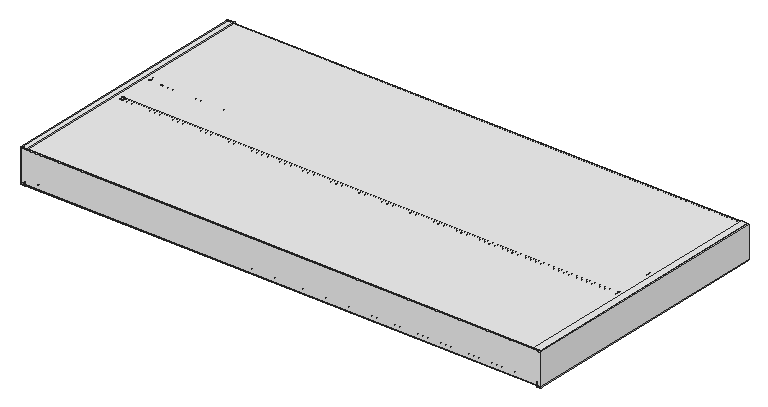
Revit family "LSTZ_2x2_2x4", category Lighting Fixtures, host Ceiling, Revit 2019
Family settings
  Host = Ceiling
  Round Connector Dimension = Use Diameter
  Part Type = Normal
  OmniClass Number = 23.80.70.11.14.17
  OmniClass Title = Direct/Indirect
  Always vertical = Yes
  Cut with Voids When Loaded = No
  Light Source = Yes
  Shared = No
  Room Calculation Point = No
Parameters (values of type "LSTZ2x4-LED840K040LUNV")
  Width = 1' - 11 3/4"
  Wattage = 30 W
  built-in parameter 1150110 = 1 (stored number, unit not read)
  Voltage = 120 V
  URL = "https://www.viscor.com/en/products/lstz"
  built-in parameter 1114217 = 0.9 (stored number, unit not read)
  Tilt Angle = 90.00°
  built-in parameter 1150109 = 1 (stored number, unit not read)
  built-in parameter 1150134 = 12
  built-in parameter 1150113 = 1 (stored number, unit not read)
  Reflector Width = Width / 2  # 0' - 11 7/8"
  Photometric Web File = "LSTZ2x4-LED840K040LUNV.IES"
  Model = "LSTZ"  # constant formula
  Manufacturer = "VISIONEERING by VISCOR"  # constant formula
  Lumens = 3720 lm
  built-in parameter 1150115 = 1 (stored number, unit not read)
  built-in parameter 1150105 = 296.03 (stored number, unit not read)
  built-in parameter 1150137 = (empty or 0)
  built-in parameter 1150139 = (empty or 0)
  Lens Finish = Acrylic - Viscor - White Translucent
  Length = 3' - 11 3/4"
  Lamp Wattage = 30 VA
  built-in parameter 1150112 = 1 (stored number, unit not read)
  built-in parameter 1150114 = 1 (stored number, unit not read)
  Lamp = "LED"  # constant formula
  built-in parameter 1150132 = (empty or 0)
  built-in parameter 1150102 = (empty or 0)
  built-in parameter 1150138 = (empty or 0)
  built-in parameter 1150107 = 4000 (stored number, unit not read)
  built-in parameter 1150106 = 2.9603 (stored number, unit not read)
  Housing Finish = Metal - Viscor - White
  Emit from Rectangle Width = Width  # 1' - 11 3/4"
  Emit from Rectangle Length = Length  # 3' - 11 3/4"
  Emit Shape Visible in Rendering = no
  built-in parameter 1150104 = 11.52 (stored number, unit not read)
  Dimming Lamp Color Temperature Shift = <None>
  Description = "LED Surface  Type Z"  # constant formula
  Color Filter = 16777215
  built-in parameter 1114218 = 1 (stored number, unit not read)
  built-in parameter 1150133 = 10 (stored number, unit not read)
  Assembly Code = "D5020200"
  Apparent Load = Lamp Wattage  # 30 VA
Types (4): name | Wattage | Photometric Web File | Lumens | built-in parameter 1150105 | Length | Lamp Wattage | built-in parameter 1150106 | Emit from Rectangle Length | built-in parameter 1150104 | Apparent Load
  (no name) | 30 W | "LSTZ2x4-LED840K040LUNV.IES" | 3720 lm | 296.03 (stored number, unit not read) | 3' - 11 3/4" | 30 VA | 2.9603 (stored number, unit not read) | 3' - 11 3/4" | 11.52 (stored number, unit not read) | 30 VA
  LSTZ2X2-LED840K020LUNV | 21 W | "LSTZ2x2-LED840K020LUNV.IES" | 2037 lm | 162.1 (stored number, unit not read) | 1' - 11 3/4" | 21 VA | 1.621 (stored number, unit not read) | 1' - 11 3/4" | 9.0116 (stored number, unit not read) | 21 VA
  LSTZ2x4-LED840K040LUNV | 30 W | "LSTZ2x4-LED840K040LUNV.IES" | 3720 lm | 296.03 (stored number, unit not read) | 3' - 11 3/4" | 30 VA | 2.9603 (stored number, unit not read) | 3' - 11 3/4" | 11.52 (stored number, unit not read) | 30 VA
  LSTZ2x2-LED840K032LUNV | 30 W | "LSTZ2x2-LED840K032LUNV.IES" | 3210 lm | 255.44 (stored number, unit not read) | 1' - 11 3/4" | 30 VA | 2.5544 (stored number, unit not read) | 1' - 11 3/4" | 9.9406 (stored number, unit not read) | 30 VA
Reference planes (in)
  plane 1 "Light Source Axis (F/B)": y = 0
  plane 2 "Ceiling": z = 96
  plane 3 "Light Source Axis (L/R)": x = 0
  plane 4 "Light Source Elevation": z = 92.76562
  plane 5: y = 11.875
  plane 6: y = -11.875
  plane 7: x = -23.875
  plane 8: x = 23.875
  plane 9 "FixtureHeight": z = 92.845
  plane 10: x = -23.8125
  plane 11: x = 23.8125
  plane 12: x = -23.438
  plane 13: x = 23.438
  plane 14: y = 11.438
  plane 15: y = -11.438
  plane 16: x = -22.8125
  plane 17: x = 22.8125
  plane 18: x = -21.3125
  plane 19: x = 21.3125
Forms (in)
  Extrusion 1, void
    sketch origin (0, 0, 96) x (1, 0, 0) y (0, 1, 0)
      loop
        line (-23.875, -11.875) -> (23.875, -11.875) -> (23.875, 11.875) -> (-23.875, 11.875) -> (-23.875, -11.875)
    from -3.23438 to 0.53094
  Extrusion 2, solid, material "Metal - Viscor - White" <- "Housing Finish"
    sketch origin (0, 0, 0) x (1, 0, 0) y (0, 0, 1)
      loop
        arc (-23.507, 92.845) -> (-23.45821, 92.86521) -> (-23.438, 92.914) r 0.069
        line (-23.438, 92.914) -> (-23.438, 93.189) -> (-23.46925, 93.189) -> (-23.46925, 92.914)
        arc (-23.46925, 92.914) -> (-23.48031, 92.88731) -> (-23.507, 92.87625) r 0.03775
        line (-23.507, 92.87625) -> (-23.806, 92.87625)
        arc (-23.806, 92.87625) -> (-23.83269, 92.88731) -> (-23.84375, 92.914) r 0.03775
        line (-23.84375, 92.914) -> (-23.84375, 95.838)
        arc (-23.84375, 95.838) -> (-23.83269, 95.86469) -> (-23.806, 95.87575) r 0.03775
        line (-23.806, 95.87575) -> (-23.25, 95.87575) -> (-23.25, 95.907) -> (-23.806, 95.907)
        arc (-23.806, 95.907) -> (-23.85479, 95.88679) -> (-23.875, 95.838) r 0.069
        line (-23.875, 95.838) -> (-23.875, 92.914)
        arc (-23.875, 92.914) -> (-23.85479, 92.86521) -> (-23.806, 92.845) r 0.069
        line (-23.806, 92.845) -> (-23.507, 92.845)
    from -11.875 to 11.875
  Extrusion 3, solid, material "Metal - Viscor - White" <- "Housing Finish"
    sketch origin (0, 0, 0) x (-1, 0, 0) y (0, 0, -1)
      loop
        line (-23.507, -92.845) -> (-23.806, -92.845)
        arc (-23.806, -92.845) -> (-23.85479, -92.86521) -> (-23.875, -92.914) r 0.069
        line (-23.875, -92.914) -> (-23.875, -95.838)
        arc (-23.875, -95.838) -> (-23.85479, -95.88679) -> (-23.806, -95.907) r 0.069
        line (-23.806, -95.907) -> (-23.25, -95.907) -> (-23.25, -95.87575) -> (-23.806, -95.87575)
        arc (-23.806, -95.87575) -> (-23.83269, -95.86469) -> (-23.84375, -95.838) r 0.03775
        line (-23.84375, -95.838) -> (-23.84375, -92.914)
        arc (-23.84375, -92.914) -> (-23.83269, -92.88731) -> (-23.806, -92.87625) r 0.03775
        line (-23.806, -92.87625) -> (-23.507, -92.87625)
        arc (-23.507, -92.87625) -> (-23.48031, -92.88731) -> (-23.46925, -92.914) r 0.03775
        line (-23.46925, -92.914) -> (-23.46925, -93.189) -> (-23.438, -93.189) -> (-23.438, -92.914)
        arc (-23.438, -92.914) -> (-23.45821, -92.86521) -> (-23.507, -92.845) r 0.069
    from -11.875 to 11.875
  Extrusion 4, solid, material "Metal - Viscor - White" <- "Housing Finish"
    sketch origin (0, 0, 0) x (0, 1, 0) y (0, 0, 1)
      loop
        line (11.50687, 92.875) -> (11.80687, 92.875)
        arc (11.80687, 92.875) -> (11.85566, 92.89521) -> (11.87587, 92.944) r 0.069
        line (11.87587, 92.944) -> (11.87587, 95.806)
        arc (11.87587, 95.806) -> (11.85446, 95.85596) -> (11.80352, 95.87492) r 0.069
        line (11.80352, 95.87492) -> (-11.80515, 95.87492)
        arc (-11.80515, 95.87492) -> (-11.85391, 95.85472) -> (-11.87411, 95.80596) r 0.06896
        line (-11.87411, 95.80596) -> (-11.87411, 92.94399)
        arc (-11.87411, 92.94399) -> (-11.8539, 92.89521) -> (-11.80512, 92.87501) r 0.06899
        line (-11.80512, 92.87501) -> (-11.50513, 92.87501)
        arc (-11.50513, 92.87501) -> (-11.45634, 92.89521) -> (-11.43613, 92.944) r 0.069
        line (-11.43613, 92.944) -> (-11.43613, 93.616)
        arc (-11.43613, 93.616) -> (-11.42471, 93.64358) -> (-11.39713, 93.655) r 0.039
        line (-11.39713, 93.655) -> (-10.85013, 93.655) -> (-10.85013, 93.68625) -> (-11.39713, 93.68625)
        arc (-11.39713, 93.68625) -> (-11.4468, 93.66567) -> (-11.46738, 93.616) r 0.07025
        line (-11.46738, 93.616) -> (-11.46738, 92.944)
        arc (-11.46738, 92.944) -> (-11.47843, 92.91731) -> (-11.50513, 92.90626) r 0.03775
        line (-11.50513, 92.90626) -> (-11.80512, 92.90626)
        arc (-11.80512, 92.90626) -> (-11.8318, 92.91731) -> (-11.84286, 92.94399) r 0.03774
        line (-11.84286, 92.94399) -> (-11.84286, 95.80596)
        arc (-11.84286, 95.80596) -> (-11.83181, 95.83262) -> (-11.80515, 95.84367) r 0.03771
        line (-11.80515, 95.84367) -> (11.80439, 95.84367)
        arc (11.80439, 95.84367) -> (11.83267, 95.83356) -> (11.84462, 95.806) r 0.03775
        line (11.84462, 95.806) -> (11.84462, 92.944)
        arc (11.84462, 92.944) -> (11.83357, 92.91731) -> (11.80687, 92.90625) r 0.03775
        line (11.80687, 92.90625) -> (11.50687, 92.90625)
        arc (11.50687, 92.90625) -> (11.48018, 92.91731) -> (11.46912, 92.944) r 0.03775
        line (11.46912, 92.944) -> (11.46912, 93.616)
        arc (11.46912, 93.616) -> (11.44855, 93.66567) -> (11.39887, 93.68625) r 0.07025
        line (11.39887, 93.68625) -> (10.85188, 93.68625) -> (10.85188, 93.655) -> (11.39887, 93.655)
        arc (11.39887, 93.655) -> (11.42645, 93.64358) -> (11.43787, 93.616) r 0.039
        line (11.43787, 93.616) -> (11.43787, 92.944)
        arc (11.43787, 92.944) -> (11.45808, 92.89521) -> (11.50687, 92.875) r 0.069
    from -23.8125 to 23.8125
  Extrusion 5, solid, material "Metal - Viscor - White" <- "Housing Finish"
    sketch origin (0, 0, 92.845) x (0, 1, 0) y (-1, 0, 0)
      loop
        line (-11.3755, 23.3755) -> (-11.3755, -23.3755) -> (11.3755, -23.3755) -> (11.3755, 23.3755) -> (-11.3755, 23.3755)
      loop
        line (-10.8755, 22.8125) -> (-10.8755, -22.8125) -> (10.8755, -22.8125) -> (10.8755, 22.8125) -> (-10.8755, 22.8125)
    from 0 to 0.5
  Extrusion 6, solid, material "Metal - Viscor - White" <- "Housing Finish"
    sketch origin (0, 0, 0) x (0, 1, 0) y (0, 0, 1)
      loop
        line (1.93837, 95.845) -> (1.60237, 95.845)
        arc (1.60237, 95.845) -> (1.55358, 95.82479) -> (1.53337, 95.776) r 0.069
        line (1.53337, 95.776) -> (1.53337, 95.634)
        arc (1.53337, 95.634) -> (1.52195, 95.60642) -> (1.49437, 95.595) r 0.039
        line (1.49437, 95.595) -> (-1.49263, 95.595)
        arc (-1.49263, 95.595) -> (-1.5202, 95.60642) -> (-1.53163, 95.634) r 0.039
        line (-1.53163, 95.634) -> (-1.53163, 95.776)
        arc (-1.53163, 95.776) -> (-1.55184, 95.82479) -> (-1.60063, 95.845) r 0.069
        line (-1.60063, 95.845) -> (-1.93663, 95.845) -> (-1.93663, 95.81375) -> (-1.60063, 95.81375)
        arc (-1.60063, 95.81375) -> (-1.57393, 95.80269) -> (-1.56288, 95.776) r 0.03775
        line (-1.56288, 95.776) -> (-1.56288, 95.634)
        arc (-1.56288, 95.634) -> (-1.5423, 95.58433) -> (-1.49263, 95.56375) r 0.07025
        line (-1.49263, 95.56375) -> (1.49437, 95.56375)
        arc (1.49437, 95.56375) -> (1.54405, 95.58433) -> (1.56462, 95.634) r 0.07025
        line (1.56462, 95.634) -> (1.56462, 95.776)
        arc (1.56462, 95.776) -> (1.57568, 95.80269) -> (1.60237, 95.81375) r 0.03775
        line (1.60237, 95.81375) -> (1.93837, 95.81375) -> (1.93837, 95.845)
    from -22.8125 to 22.8125
  Extrusion 7, solid, material "Metal - Viscor - White" <- "Housing Finish"
    sketch origin (0, 0, 0) x (0, 1, 0) y (0, 0, 1)
      loop
        line (1.25044, 94.899) -> (-1.24956, 94.899) -> (-1.24956, 95.399) -> (-2.87456, 95.399) -> (-10.54606, 93.524) -> (-11.25706, 93.524) -> (-11.25706, 93.345) -> (11.3755, 93.345) -> (11.3755, 93.524) -> (10.54694, 93.524) -> (2.87544, 95.399) -> (1.25044, 95.399) -> (1.25044, 94.899)
    from -22.8125 to -23.438
  Extrusion 8, solid, material "Metal - Viscor - White" <- "Housing Finish"
    sketch origin (0, 0, 0) x (0, 1, 0) y (0, 0, -1)
      loop
        line (1.25044, -94.899) -> (1.25044, -95.399) -> (2.87544, -95.399) -> (10.54694, -93.524) -> (11.3755, -93.524) -> (11.3755, -93.345) -> (-11.25706, -93.345) -> (-11.25706, -93.524) -> (-10.54606, -93.524) -> (-2.87456, -95.399) -> (-1.24956, -95.399) -> (-1.24956, -94.899) -> (1.25044, -94.899)
    from -23.438 to -22.8125
  Extrusion 9, solid, material "Metal - Viscor - White" <- "Housing Finish"
    sketch origin (0, 0, 0) x (0, 1, 0) y (0, 0, 1)
      loop
        line (1.54872, 93.13088) -> (3.12627, 95.25627) -> (3.10117, 95.2749) -> (1.52363, 93.1495)
        arc (1.52363, 93.1495) -> (1.51028, 93.13828) -> (1.49331, 93.13425) r 0.03775
        line (1.49331, 93.13425) -> (-1.49244, 93.13425)
        arc (-1.49244, 93.13425) -> (-1.50941, 93.13828) -> (-1.52275, 93.1495) r 0.03775
        line (-1.52275, 93.1495) -> (-3.1003, 95.2749) -> (-3.12539, 95.25627) -> (-1.54785, 93.13088)
        arc (-1.54785, 93.13088) -> (-1.52345, 93.11036) -> (-1.49244, 93.103) r 0.069
        line (-1.49244, 93.103) -> (1.49331, 93.103)
        arc (1.49331, 93.103) -> (1.52433, 93.11036) -> (1.54872, 93.13088) r 0.069
    from -22.8125 to -21.3125
  Extrusion 10, solid, material "Metal - Viscor - White" <- "Housing Finish"
    sketch origin (0, 0, 0) x (0, 1, 0) y (0, 0, -1)
      loop
        arc (1.54872, -93.13088) -> (1.52433, -93.11036) -> (1.49331, -93.103) r 0.069
        line (1.49331, -93.103) -> (-1.49244, -93.103)
        arc (-1.49244, -93.103) -> (-1.52345, -93.11036) -> (-1.54785, -93.13088) r 0.069
        line (-1.54785, -93.13088) -> (-3.12539, -95.25627) -> (-3.1003, -95.2749) -> (-1.52275, -93.1495)
        arc (-1.52275, -93.1495) -> (-1.50941, -93.13828) -> (-1.49244, -93.13425) r 0.03775
        line (-1.49244, -93.13425) -> (1.49331, -93.13425)
        arc (1.49331, -93.13425) -> (1.51028, -93.13828) -> (1.52363, -93.1495) r 0.03775
        line (1.52363, -93.1495) -> (3.10117, -95.2749) -> (3.12627, -95.25627) -> (1.54872, -93.13088)
    from -22.8125 to -21.3125
  Extrusion 11, solid, material "Acrylic - Viscor - White Translucent" <- "Lens Finish"
    sketch origin (0, 0, 0) x (0, 1, 0) y (0, 0, 1)
      loop
        line (-1.4588, 93.148) -> (1.45967, 93.148)
        arc (1.45967, 93.148) -> (1.49599, 93.15672) -> (1.5244, 93.18098) r 0.08
        line (1.5244, 93.18098) -> (2.68978, 94.78498)
        arc (2.68978, 94.78498) -> (2.70504, 94.83061) -> (2.69138, 94.87674) r 0.08
        line (2.69138, 94.87674) -> (2.57842, 95.0442) -> (2.54604, 95.02236) -> (2.65899, 94.8549)
        arc (2.65899, 94.8549) -> (2.66599, 94.83129) -> (2.65817, 94.80795) r 0.04094
        line (2.65817, 94.80795) -> (1.49279, 93.20394)
        arc (1.49279, 93.20394) -> (1.47826, 93.19152) -> (1.45967, 93.18706) r 0.04094
        line (1.45967, 93.18706) -> (-1.4588, 93.18706)
        arc (-1.4588, 93.18706) -> (-1.47739, 93.19152) -> (-1.49192, 93.20394) r 0.04094
        line (-1.49192, 93.20394) -> (-2.6573, 94.80795)
        arc (-2.6573, 94.80795) -> (-2.66511, 94.83129) -> (-2.65812, 94.8549) r 0.04094
        line (-2.65812, 94.8549) -> (-2.54517, 95.02236) -> (-2.57755, 95.0442) -> (-2.6905, 94.87674)
        arc (-2.6905, 94.87674) -> (-2.70417, 94.83061) -> (-2.6889, 94.78498) r 0.08
        line (-2.6889, 94.78498) -> (-1.52352, 93.18098)
        arc (-1.52352, 93.18098) -> (-1.49512, 93.15672) -> (-1.4588, 93.148) r 0.08
    from -22.8125 to 22.8125
  Extrusion 12, solid, material "Metal - Viscor - White" <- "Housing Finish"
    sketch origin (0, 0, 0) x (0, 1, 0) y (0, 0, 1)
      loop
        arc (11.28094, 92.875) -> (11.32548, 92.89345) -> (11.34394, 92.938) r 0.063
        line (11.34394, 92.938) -> (11.34394, 93.499)
        arc (11.34394, 93.499) -> (11.32548, 93.54355) -> (11.28094, 93.562) r 0.063
        line (11.28094, 93.562) -> (10.96894, 93.562) -> (10.96894, 93.53075) -> (11.28094, 93.53075)
        arc (11.28094, 93.53075) -> (11.30339, 93.52145) -> (11.31269, 93.499) r 0.03175
        line (11.31269, 93.499) -> (11.31269, 92.938)
        arc (11.31269, 92.938) -> (11.30339, 92.91555) -> (11.28094, 92.90625) r 0.03175
        line (11.28094, 92.90625) -> (10.84776, 92.90625) -> (2.80184, 94.90274) -> (2.60132, 95.15881)
        arc (2.60132, 95.15881) -> (2.55449, 95.18523) -> (2.5027, 95.1708) r 0.07025
        line (2.5027, 95.1708) -> (2.38617, 95.07955) -> (2.40544, 95.05495) -> (2.52196, 95.1462)
        arc (2.52196, 95.1462) -> (2.55072, 95.15421) -> (2.57672, 95.13954) r 0.039
        line (2.57672, 95.13954) -> (2.7705, 94.89208)
        arc (2.7705, 94.89208) -> (2.78585, 94.87805) -> (2.80493, 94.86978) r 0.063
        line (2.80493, 94.86978) -> (10.84394, 92.875) -> (11.28094, 92.875)
    from -22.8125 to 22.8125
  Extrusion 13, solid, material "Metal - Viscor - White" <- "Housing Finish"
    sketch origin (0, 0, 0) x (0, -1, 0) y (0, 0, -1)
      loop
        line (11.28094, -92.875) -> (10.84394, -92.875) -> (2.80493, -94.86978)
        arc (2.80493, -94.86978) -> (2.78585, -94.87805) -> (2.7705, -94.89208) r 0.063
        line (2.7705, -94.89208) -> (2.57672, -95.13954)
        arc (2.57672, -95.13954) -> (2.55072, -95.15421) -> (2.52196, -95.1462) r 0.039
        line (2.52196, -95.1462) -> (2.40544, -95.05495) -> (2.38617, -95.07955) -> (2.5027, -95.1708)
        arc (2.5027, -95.1708) -> (2.55449, -95.18523) -> (2.60132, -95.15881) r 0.07025
        line (2.60132, -95.15881) -> (2.80184, -94.90274) -> (10.84776, -92.90625) -> (11.28094, -92.90625)
        arc (11.28094, -92.90625) -> (11.30339, -92.91555) -> (11.31269, -92.938) r 0.03175
        line (11.31269, -92.938) -> (11.31269, -93.499)
        arc (11.31269, -93.499) -> (11.30339, -93.52145) -> (11.28094, -93.53075) r 0.03175
        line (11.28094, -93.53075) -> (10.96894, -93.53075) -> (10.96894, -93.562) -> (11.28094, -93.562)
        arc (11.28094, -93.562) -> (11.32548, -93.54355) -> (11.34394, -93.499) r 0.063
        line (11.34394, -93.499) -> (11.34394, -92.938)
        arc (11.34394, -92.938) -> (11.32548, -92.89345) -> (11.28094, -92.875) r 0.063
    from -22.8125 to 22.8125
Dimensions and locks (in)
  equal spacing: host sketch curve, plane 3 "Light Source Axis (L/R)", host sketch curve
  equal spacing: host sketch curve, plane 1 "Light Source Axis (F/B)", host sketch curve
  host sketch curve to host sketch curve = 10' - 0"  (x2)
  equal spacing: plane 7, plane 3 "Light Source Axis (L/R)", plane 8
  "Length": plane 7 to plane 8
  equal spacing: plane 5, plane 1 "Light Source Axis (F/B)", plane 6
  "Width": plane 5 to plane 6
  plane 4 "Light Source Elevation" to plane 2 "Ceiling" = 0' - 3 15/64"
  locked: plane 2 "Ceiling" to plane 9 "FixtureHeight" at 3.155
  locked: plane 7 to plane 10 at 0.0625
  locked: plane 11 to plane 8 at 0.0625
  locked: plane 7 to plane 12 at 0.437
  locked: plane 13 to plane 8 at 0.437
  locked: plane 5 to plane 14 at 0.437
  locked: plane 15 to plane 6 at 0.437
  locked: plane 7 to plane 16 at 1.0625
  locked: plane 17 to plane 8 at 1.0625
  locked: plane 16 to plane 18 at 1.5
  locked: plane 19 to plane 17 at 1.5
  aligned and locked: plane 3 "Light Source Axis (L/R)" to imposter light
  aligned and locked: plane 1 "Light Source Axis (F/B)" to imposter light
  aligned and locked: plane 4 "Light Source Elevation" to imposter light
  aligned and locked: Extrusion 1 to imposter light
  aligned and locked: Extrusion 1 to plane 7
  aligned and locked: plane 8 to Extrusion 1
  aligned and locked: plane 5 to Extrusion 2
  aligned and locked: plane 5 to Extrusion 3
  aligned and locked: Extrusion 2 to plane 6
  aligned and locked: Extrusion 3 to plane 6
  aligned and locked: Extrusion 4 to plane 10
  aligned and locked: plane 11 to Extrusion 4
  aligned and locked: Extrusion 6 to plane 16
  aligned and locked: plane 17 to Extrusion 6
  aligned and locked: plane 17 to Extrusion 5 sketch curve
  aligned and locked: Extrusion 5 sketch curve to plane 16
  aligned and locked: plane 13 to Extrusion 8
  aligned and locked: Extrusion 8 to plane 17
  aligned and locked: Extrusion 9 to plane 16
  aligned and locked: plane 18 to Extrusion 9
  aligned and locked: plane 17 to Extrusion 10
  aligned and locked: Extrusion 10 to plane 19
  aligned and locked: Extrusion 7 to plane 12
  aligned and locked: plane 16 to Extrusion 7
  aligned and locked: Extrusion 11 to plane 16
  aligned and locked: plane 17 to Extrusion 11
  aligned and locked: Extrusion 12 to plane 16
  aligned and locked: plane 17 to Extrusion 12
  aligned and locked: Extrusion 13 to plane 16
  aligned and locked: plane 17 to Extrusion 13
Automatic sketch dimensions
  Extrusion 1 sketch curve to plane 5 = 0' - 0"
  Extrusion 1 sketch curve to plane 7 = 0' - 0"
  Extrusion 1 sketch curve to plane 8 = 0' - 0"
  Extrusion 1 sketch curve to plane 6 = 0' - 0"
  Extrusion 2 sketch curve to Extrusion 2 sketch curve = 0' - 0"  (x6)
  Extrusion 2 sketch curve to plane 7 = 0' - 0"
  Extrusion 2 sketch curve to plane 9 "FixtureHeight" = 0' - 0"
  Extrusion 2 sketch curve to plane 12 = 0' - 0"
  Extrusion 2 sketch curve to Extrusion 2 sketch curve = 0' - 0 1/32"
  plane 10 to Extrusion 2 sketch curve = 0' - 0.0065"  (x2)
  Extrusion 2 sketch curve to Extrusion 2 sketch curve = 0' - 0.03775"
  Extrusion 2 sketch curve to plane 2 "Ceiling" = 0' - 0.093"
  plane 12 to Extrusion 2 sketch curve = 0' - 0.188"
  Extrusion 2 sketch curve to Extrusion 2 sketch curve = 0' - 0.275"
  Extrusion 3 sketch curve to Extrusion 3 sketch curve = 0' - 0"  (x6)
  Extrusion 3 sketch curve to plane 8 = 0' - 0"
  Extrusion 3 sketch curve to plane 9 "FixtureHeight" = 0' - 0"
  Extrusion 3 sketch curve to plane 13 = 0' - 0"
  plane 8 to Extrusion 3 sketch curve = 0' - 0 1/32"
  plane 11 to Extrusion 3 sketch curve = 0' - 0.0065"  (x2)
  Extrusion 3 sketch curve to Extrusion 3 sketch curve = 0' - 0.03775"
  plane 2 "Ceiling" to Extrusion 3 sketch curve = 0' - 0.093"
  plane 13 to Extrusion 3 sketch curve = 0' - 0.188"
  Extrusion 3 sketch curve to Extrusion 3 sketch curve = 0' - 0.275"
  Extrusion 4 sketch curve to Extrusion 4 sketch curve = 0' - 0"  (x16)
  plane 6 to Extrusion 4 sketch curve = 0' - 0.00089"
  Extrusion 4 sketch curve to Extrusion 4 sketch curve = 0' - 0 1/32"
  Extrusion 4 sketch curve to Extrusion 4 sketch curve = 0' - 0.03771"
  plane 9 "FixtureHeight" to Extrusion 4 sketch curve = 0' - 0.03001"
  plane 6 to Extrusion 4 sketch curve = 0' - 0.06988"
  Extrusion 4 sketch curve to plane 15 = 0' - 0.06713"
  Extrusion 4 sketch curve to plane 15 = 0' - 0.02938"
  plane 15 to Extrusion 4 sketch curve = 0' - 0.04087"
  Extrusion 4 sketch curve to Extrusion 4 sketch curve = 0' - 0.547"
  Extrusion 4 sketch curve to plane 14 = 0' - 0.58612"
  Extrusion 4 sketch curve to plane 14 = 0' - 0.03913"
  Extrusion 4 sketch curve to plane 14 = 0' - 0.00013"
  plane 14 to Extrusion 4 sketch curve = 0' - 0.03112"
  Extrusion 4 sketch curve to Extrusion 4 sketch curve = 0' - 0.03775"
  Extrusion 4 sketch curve to plane 5 = 0' - 0.07148"
  Extrusion 4 sketch curve to Extrusion 4 sketch curve = 0' - 0.00087"
  Extrusion 4 sketch curve to Extrusion 4 sketch curve = 0' - 0.00248"
  plane 9 "FixtureHeight" to Extrusion 4 sketch curve = 0' - 0.03"
  Extrusion 4 sketch curve to plane 5 = 0' - 0.06813"
  Extrusion 4 sketch curve to Extrusion 4 sketch curve = 0' - 0.672"  (x2)
  Extrusion 4 sketch curve to plane 2 "Ceiling" = 0' - 0.19404"
  plane 15 to Extrusion 5 sketch curve = 0' - 0 1/16"
  plane 15 to Extrusion 5 sketch curve = 0' - 0 9/16"
  Extrusion 5 sketch curve to plane 14 = 0' - 0 9/16"
  Extrusion 5 sketch curve to plane 14 = 0' - 0 1/16"
  Extrusion 5 sketch curve to plane 13 = 0' - 0 1/16"
  plane 12 to Extrusion 5 sketch curve = 0' - 0 1/16"
  Extrusion 6 sketch curve to Extrusion 6 sketch curve = 0' - 0"  (x8)
  Extrusion 6 sketch curve to plane 2 "Ceiling" = 0' - 0.155"
  plane 1 "Light Source Axis (F/B)" to Extrusion 6 sketch curve = 0' - 1.93663"
  Extrusion 6 sketch curve to Extrusion 6 sketch curve = 0' - 0.336"  (x2)
  Extrusion 6 sketch curve to Extrusion 6 sketch curve = 0' - 0.03775"  (x2)
  Extrusion 6 sketch curve to Extrusion 6 sketch curve = 0' - 0 1/32"
  Extrusion 6 sketch curve to Extrusion 6 sketch curve = 0' - 0.039"  (x2)
  Extrusion 6 sketch curve to plane 2 "Ceiling" = 0' - 0.405"
  Extrusion 6 sketch curve to plane 1 "Light Source Axis (F/B)" = 0' - 1.49437"
  Extrusion 6 sketch curve to Extrusion 6 sketch curve = 0' - 0.142"
  plane 15 to Extrusion 7 sketch curve = 0' - 0.18094"
  Extrusion 7 sketch curve to Extrusion 7 sketch curve = 0' - 0.711"
  Extrusion 7 sketch curve to plane 2 "Ceiling" = 0' - 0.601"  (x2)
  plane 1 "Light Source Axis (F/B)" to Extrusion 7 sketch curve = 0' - 2.87456"
  plane 1 "Light Source Axis (F/B)" to Extrusion 7 sketch curve = 0' - 1.24956"
  Extrusion 7 sketch curve to plane 1 "Light Source Axis (F/B)" = 0' - 1.25044"
  Extrusion 7 sketch curve to Extrusion 7 sketch curve = 0' - 1 5/8"
  Extrusion 7 sketch curve to plane 14 = 0' - 0.89106"
  Extrusion 7 sketch curve to plane 14 = 0' - 0 1/16"
  Extrusion 7 sketch curve to Extrusion 7 sketch curve = 0' - 0 1/2"
  plane 9 "FixtureHeight" to Extrusion 7 sketch curve = 0' - 0.679"  (x2)
  Extrusion 7 sketch curve to Extrusion 7 sketch curve = 0' - 0.179"
  plane 15 to Extrusion 8 sketch curve = 0' - 0.18094"
  Extrusion 8 sketch curve to Extrusion 8 sketch curve = 0' - 0.711"
  Extrusion 8 sketch curve to plane 2 "Ceiling" = 0' - 0.601"  (x2)
  plane 1 "Light Source Axis (F/B)" to Extrusion 8 sketch curve = 0' - 2.87456"
  plane 1 "Light Source Axis (F/B)" to Extrusion 8 sketch curve = 0' - 1.24956"
  Extrusion 8 sketch curve to plane 1 "Light Source Axis (F/B)" = 0' - 1.25044"
  Extrusion 8 sketch curve to Extrusion 8 sketch curve = 0' - 1 5/8"
  Extrusion 8 sketch curve to plane 14 = 0' - 0.89106"
  Extrusion 8 sketch curve to plane 14 = 0' - 0 1/16"
  Extrusion 8 sketch curve to Extrusion 8 sketch curve = 0' - 0 1/2"
  plane 9 "FixtureHeight" to Extrusion 8 sketch curve = 0' - 0.679"  (x2)
  Extrusion 8 sketch curve to Extrusion 8 sketch curve = 0' - 0.179"
  Extrusion 9 sketch curve to Extrusion 9 sketch curve = 0' - 0"  (x4)
  Extrusion 9 sketch curve to plane 2 "Ceiling" = 0' - 0.74373"
  plane 1 "Light Source Axis (F/B)" to Extrusion 9 sketch curve = 0' - 3.12539"
  Extrusion 9 sketch curve to plane 2 "Ceiling" = 0' - 0.7251"  (x2)
  Extrusion 9 sketch curve to Extrusion 9 sketch curve = 0' - 0.02509"
  plane 9 "FixtureHeight" to Extrusion 9 sketch curve = 0' - 0.28588"  (x2)
  plane 9 "FixtureHeight" to Extrusion 9 sketch curve = 0' - 0.3045"  (x2)
  Extrusion 9 sketch curve to Extrusion 9 sketch curve = 0' - 0.03031"  (x2)
  Extrusion 9 sketch curve to plane 1 "Light Source Axis (F/B)" = 0' - 1.49331"
  Extrusion 9 sketch curve to Extrusion 9 sketch curve = 0' - 1.57755"
  Extrusion 9 sketch curve to Extrusion 9 sketch curve = 0' - 0.0465"
  Extrusion 10 sketch curve to Extrusion 10 sketch curve = 0' - 0"  (x4)
  Extrusion 10 sketch curve to plane 2 "Ceiling" = 0' - 0.74373"
  plane 1 "Light Source Axis (F/B)" to Extrusion 10 sketch curve = 0' - 3.12539"
  Extrusion 10 sketch curve to plane 2 "Ceiling" = 0' - 0.7251"  (x2)
  Extrusion 10 sketch curve to Extrusion 10 sketch curve = 0' - 0.02509"
  plane 9 "FixtureHeight" to Extrusion 10 sketch curve = 0' - 0.28588"  (x2)
  plane 9 "FixtureHeight" to Extrusion 10 sketch curve = 0' - 0.3045"  (x2)
  Extrusion 10 sketch curve to Extrusion 10 sketch curve = 0' - 0.03031"  (x2)
  Extrusion 10 sketch curve to plane 1 "Light Source Axis (F/B)" = 0' - 1.49331"
  Extrusion 10 sketch curve to Extrusion 10 sketch curve = 0' - 1.57755"
  Extrusion 10 sketch curve to Extrusion 10 sketch curve = 0' - 0.0225"
  Extrusion 11 sketch curve to Extrusion 11 sketch curve = 0' - 0"  (x8)
  Extrusion 11 sketch curve to plane 2 "Ceiling" = 0' - 1.12326"  (x2)
  plane 1 "Light Source Axis (F/B)" to Extrusion 11 sketch curve = 0' - 2.6905"
  Extrusion 11 sketch curve to plane 2 "Ceiling" = 0' - 1.21502"  (x2)
  Extrusion 11 sketch curve to Extrusion 11 sketch curve = 0' - 0.0016"
  Extrusion 11 sketch curve to Extrusion 11 sketch curve = 0' - 0.03238"  (x2)
  Extrusion 11 sketch curve to plane 2 "Ceiling" = 0' - 1.19205"  (x2)
  Extrusion 11 sketch curve to Extrusion 11 sketch curve = 0' - 0.0316"  (x2)
  Extrusion 11 sketch curve to Extrusion 11 sketch curve = 0' - 0.03394"  (x2)
  Extrusion 11 sketch curve to plane 2 "Ceiling" = 0' - 0.9558"  (x2)
  Extrusion 11 sketch curve to Extrusion 11 sketch curve = 0' - 0.11295"
  plane 9 "FixtureHeight" to Extrusion 11 sketch curve = 0' - 0.33598"  (x2)
  plane 1 "Light Source Axis (F/B)" to Extrusion 11 sketch curve = 0' - 1.52352"
  plane 9 "FixtureHeight" to Extrusion 11 sketch curve = 0' - 0.35894"  (x2)
  Extrusion 11 sketch curve to Extrusion 11 sketch curve = 0' - 0.03312"  (x3)
  plane 9 "FixtureHeight" to Extrusion 11 sketch curve = 0' - 0.383"
  Extrusion 11 sketch curve to plane 1 "Light Source Axis (F/B)" = 0' - 1.45967"
  Extrusion 11 sketch curve to Extrusion 11 sketch curve = 0' - 1.08637"
  Extrusion 11 sketch curve to Extrusion 11 sketch curve = 0' - 0.07901"
  Extrusion 11 sketch curve to plane 2 "Ceiling" = 0' - 1.1451"
  Extrusion 12 sketch curve to Extrusion 12 sketch curve = 0' - 0"  (x6)
  Extrusion 12 sketch curve to plane 1 "Light Source Axis (F/B)" = 0' - 2.38617"
  Extrusion 12 sketch curve to plane 2 "Ceiling" = 0' - 0.94505"
  Extrusion 12 sketch curve to Extrusion 12 sketch curve = 0' - 0.01927"
  Extrusion 12 sketch curve to plane 2 "Ceiling" = 0' - 0.8292"
  Extrusion 12 sketch curve to Extrusion 12 sketch curve = 0' - 0.11652"
  Extrusion 12 sketch curve to plane 2 "Ceiling" = 0' - 0.8538"
  Extrusion 12 sketch curve to Extrusion 12 sketch curve = 0' - 0.02405"
  Extrusion 12 sketch curve to plane 2 "Ceiling" = 0' - 0.86046"
  Extrusion 12 sketch curve to Extrusion 12 sketch curve = 0' - 0.03071"
  Extrusion 12 sketch curve to plane 2 "Ceiling" = 0' - 0.84119"
  Extrusion 12 sketch curve to plane 2 "Ceiling" = 0' - 1.10792"
  Extrusion 12 sketch curve to Extrusion 12 sketch curve = 0' - 0.19378"
  Extrusion 12 sketch curve to plane 2 "Ceiling" = 0' - 1.09726"
  Extrusion 12 sketch curve to Extrusion 12 sketch curve = 0' - 0.03134"
  Extrusion 12 sketch curve to plane 2 "Ceiling" = 0' - 1.13022"
  Extrusion 12 sketch curve to Extrusion 12 sketch curve = 0' - 0.00308"
  Extrusion 12 sketch curve to Extrusion 12 sketch curve = 0' - 0.01826"
  plane 9 "FixtureHeight" to Extrusion 12 sketch curve = 0' - 0.03"
  Extrusion 12 sketch curve to plane 14 = 0' - 0.59406"
  plane 9 "FixtureHeight" to Extrusion 12 sketch curve = 0' - 0.06125"
  Extrusion 12 sketch curve to Extrusion 12 sketch curve = 0' - 0.00382"
  Extrusion 12 sketch curve to plane 14 = 0' - 0.46906"
  Extrusion 12 sketch curve to plane 14 = 0' - 0.15706"  (x2)
  plane 9 "FixtureHeight" to Extrusion 12 sketch curve = 0' - 0.093"
  Extrusion 12 sketch curve to Extrusion 12 sketch curve = 0' - 0.561"
  Extrusion 13 sketch curve to Extrusion 13 sketch curve = 0' - 0"  (x6)
  Extrusion 13 sketch curve to plane 1 "Light Source Axis (F/B)" = 0' - 2.38617"
  plane 2 "Ceiling" to Extrusion 13 sketch curve = 0' - 0.94505"
  Extrusion 13 sketch curve to Extrusion 13 sketch curve = 0' - 0.01927"
  plane 2 "Ceiling" to Extrusion 13 sketch curve = 0' - 0.8292"
  Extrusion 13 sketch curve to Extrusion 13 sketch curve = 0' - 0.11652"
  plane 2 "Ceiling" to Extrusion 13 sketch curve = 0' - 0.8538"
  Extrusion 13 sketch curve to Extrusion 13 sketch curve = 0' - 0.02405"
  plane 2 "Ceiling" to Extrusion 13 sketch curve = 0' - 0.86046"
  Extrusion 13 sketch curve to Extrusion 13 sketch curve = 0' - 0.03071"
  plane 2 "Ceiling" to Extrusion 13 sketch curve = 0' - 0.84119"
  plane 2 "Ceiling" to Extrusion 13 sketch curve = 0' - 1.10792"
  Extrusion 13 sketch curve to Extrusion 13 sketch curve = 0' - 0.19378"
  plane 2 "Ceiling" to Extrusion 13 sketch curve = 0' - 1.09726"
  Extrusion 13 sketch curve to Extrusion 13 sketch curve = 0' - 0.03134"
  plane 2 "Ceiling" to Extrusion 13 sketch curve = 0' - 1.13022"
  Extrusion 13 sketch curve to Extrusion 13 sketch curve = 0' - 0.00308"
  Extrusion 13 sketch curve to Extrusion 13 sketch curve = 0' - 0.01826"
  Extrusion 13 sketch curve to plane 9 "FixtureHeight" = 0' - 0.03"
  Extrusion 13 sketch curve to plane 15 = 0' - 0.59406"
  Extrusion 13 sketch curve to plane 9 "FixtureHeight" = 0' - 0.06125"
  Extrusion 13 sketch curve to Extrusion 13 sketch curve = 0' - 0.00382"
  Extrusion 13 sketch curve to plane 15 = 0' - 0.46906"
  Extrusion 13 sketch curve to plane 15 = 0' - 0.15706"  (x2)
  Extrusion 13 sketch curve to plane 9 "FixtureHeight" = 0' - 0.093"
  Extrusion 13 sketch curve to Extrusion 13 sketch curve = 0' - 0.561"
Connectors (in)
  electrical at (0, 0, 92.76562), driven by "Voltage", driven by "Apparent Load"
    settings: index 1, voltage 120 V, apparent load 0 VA, apparent load phase1 30 VA, apparent load phase2 0 VA, apparent load phase3 0 VA, power factor 1, load classification "Other", number of poles 1, system type 31, power factor state 1, is connector primary yes, connector utility no, sub classification motor no, connector description ""
